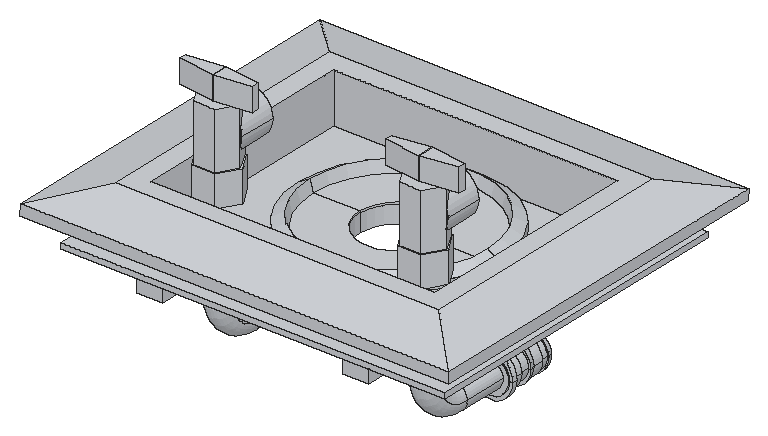
Revit family "Omni Panel", category Plumbing Fixtures, host Face, Revit 2017
Family settings
  Host = Face
  Round Connector Dimension = Use Diameter
  Part Type = Normal
  Cut with Voids When Loaded = No
  Shared = No
  Room Calculation Point = No
Parameters (values of type "698-A33-XR")
  URL = "www.siouxchief.com"
  Pipe Radius = 0.25"
  Outlet Diameter = 0.89844"
  Model = "698-A33-XR"
  Manufacturer = "Sioux Chief Manufacturing"
  Male Sweat in Visibility = no
  MIP Visibility = no
  Inlet Connector = 2 * Pipe Radius  # 0.50"
  Description = "Omni Panel"
  Default Elevation = 48.00"
  Connector Diameter = 0.75"
  CPVC Visibility = no
  1960 Visibility = no
  1807 Visibility = yes
Types (11): name | Outlet Diameter | Model | Male Sweat in Visibility | MIP Visibility | Connector Diameter | CPVC Visibility | 1960 Visibility | 1807 Visibility
  (no name) | 0.89844" | "698-A33-XR" | no | no | 0.75" | no | no | yes
  698-A11-CR | 0.55859" | "698-A11-CR" | no | no | 0.375" | yes | no | no
  698-A11-MR | 0.55859" | "698-A11-MR" | no | yes | 0.375" | no | no | no
  698-A11-PR | 0.55859" | "698-A11-PR" | yes | no | 0.375" | no | no | no
  698-A11-WR | 0.55859" | "698-A11-WR" | no | no | 0.375" | no | yes | no
  698-A11-XR | 0.55859" | "698-A11-XR" | no | no | 0.375" | no | no | yes
  698-A33-CR | 0.89844" | "698-A33-CR" | no | no | 0.75" | yes | no | no
  698-A33-MR | 0.89844" | "698-A33-MR" | no | yes | 0.75" | no | no | no
  698-A33-PR | 0.89844" | "698-A33-PR" | yes | no | 0.75" | no | no | no
  698-A33-WR | 0.89844" | "698-A33-WR" | no | no | 0.75" | no | yes | no
  698-A33-XR | 0.89844" | "698-A33-XR" | no | no | 0.75" | no | no | yes
Reference planes (in)
  plane 1 "Center (Front/Back)": y = 0
  plane 2: z = 0
  plane 3 "Center (Left/Right)": x = 0
Forms (in)
  Sweep 1, solid
    path origin (-24, 0, 0.48) x (0, -1, 0) y (1, 0, 0)
      loop
        line (-2.595, 27.13) -> (-2.595, 20.87) -> (2.595, 20.87) -> (2.595, 27.13) -> (-2.595, 27.13)
    profile origin (0, 2.595, 0.48) x (0, -1, 0) y (0, 0, 1)
      loop
        line (-1.03, -0.26) -> (-1.03, -0.48) -> (0.13, -0.48) -> (0.13, -0.98) -> (-0.59, -0.98) -> (-0.59, -1.08) -> (0.13, -1.08) -> (0.13, -1.33) -> (0.38, -1.33) -> (2.52064, -1.33) -> (2.52064, -0.98) -> (0.38, -0.98) -> (0.38, 0) -> (0, 0) -> (-1.03, -0.26)
  Revolve 2, void
    sketch origin (-2, -1.5, 0) x (1, 0, 0) y (0, 0, 1)
      loop
        line (0, -0.6) -> (0, -1.25) -> (0.65, -1.25) -> (0.5, -0.6) -> (0, -0.6)
      axis (0, -0.6) -> (0, -1.25)
    angle from 0 to 360
  Extrusion 3, solid
    sketch origin (-2, 0, 0) x (1, 0, 0) y (0, 0, 1)
      loop
        line (0, -0.6) -> (-0.25, -0.6) -> (-0.25, -0.85) -> (0.25, -0.85) -> (0.25, -0.6) -> (0, -0.6)
    from -3.185 to 3.185
  Revolve 4, void
    sketch origin (2, -1.5, 0) x (1, 0, 0) y (0, 0, 1)
      loop
        line (0, -0.6) -> (0, -1.25) -> (0.65, -1.25) -> (0.5, -0.6) -> (0, -0.6)
      axis (0, -0.6) -> (0, -1.25)
    angle from 0 to 360
  Extrusion 5, solid
    sketch origin (2, 0, 0) x (1, 0, 0) y (0, 0, 1)
      loop
        line (0, -0.6) -> (-0.25, -0.6) -> (-0.25, -0.85) -> (0.25, -0.85) -> (0.25, -0.6) -> (0, -0.6)
    from -3.185 to 3.185
  Extrusion 6, solid
    sketch origin (2, -1.505, 0.20837) x (1, 0, 0) y (0, 1, 0)
      loop
        line (0.45172, 0) -> (0.22586, 0.3912) -> (-0.22586, 0.3912) -> (-0.45172, 0) -> (-0.22586, -0.3912) -> (0.22586, -0.3912) -> (0.45172, 0)
    from 0 to 0.6
  Extrusion 7, solid
    sketch origin (2, -1.505, 0.80837) x (1, 0, 0) y (0, 1, 0)
      loop
        line (0.20484, 0.3548) -> (-0.20484, 0.3548) -> (-0.40969, 0) -> (-0.20484, -0.3548) -> (0.20484, -0.3548) -> (0.40969, 0) -> (0.20484, 0.3548)
    from 0 to 1.1
  Extrusion 8, solid
    sketch origin (2, -1.505, 1.90837) x (1, 0, 0) y (0, 1, 0)
      loop
        line (0, 0.16) -> (-0.70208, 0.07) -> (-0.70208, -0.07) -> (0, -0.16) -> (0, 0.16)
    from 0 to 0.45
  Extrusion 9, solid
    sketch origin (2, -1.505, 1.90837) x (-1, 0, 0) y (0, -1, 0)
      loop
        line (0, -0.16) -> (0, 0.16) -> (-0.70208, 0.07) -> (-0.70208, -0.07) -> (0, -0.16)
    from 0 to 0.45
  Extrusion 10, solid
    sketch origin (2, 0.075, -2.2) x (1, 0, 0) y (0, 0, -1)
      loop
        circle (0, -3.55837) r 0.44922
    from -1.58 to -0.8502
  Extrusion 11, solid
    sketch origin (-2, -1.505, 0.20837) x (1, 0, 0) y (0, 1, 0)
      loop
        line (0.45172, 0) -> (0.22586, 0.3912) -> (-0.22586, 0.3912) -> (-0.45172, 0) -> (-0.22586, -0.3912) -> (0.22586, -0.3912) -> (0.45172, 0)
    from 0 to 0.6
  Extrusion 12, solid
    sketch origin (-2, -1.505, 0.80837) x (1, 0, 0) y (0, 1, 0)
      loop
        line (0.20484, 0.3548) -> (-0.20484, 0.3548) -> (-0.40969, 0) -> (-0.20484, -0.3548) -> (0.20484, -0.3548) -> (0.40969, 0) -> (0.20484, 0.3548)
    from 0 to 1.1
  Extrusion 13, solid
    sketch origin (-2, -1.505, 1.90837) x (1, 0, 0) y (0, 1, 0)
      loop
        line (0, 0.16) -> (-0.70208, 0.07) -> (-0.70208, -0.07) -> (0, -0.16) -> (0, 0.16)
    from 0 to 0.45
  Extrusion 14, solid
    sketch origin (-2, -1.505, 1.90837) x (-1, 0, 0) y (0, -1, 0)
      loop
        line (0, -0.16) -> (0, 0.16) -> (-0.70208, 0.07) -> (-0.70208, -0.07) -> (0, -0.16)
    from 0 to 0.45
  Extrusion 15, solid
    sketch origin (-2, 0.075, -2.2) x (1, 0, 0) y (0, 0, -1)
      loop
        circle (0, -3.55837) r 0.44922
    from -1.58 to -0.8502
  Sweep 16, solid
    path origin (-2, -1.51, 0) x (0, 1, 0) y (0, 0, 1)
      loop
        line (0, -0.5) -> (0, -1.50078)
        arc (0, -1.50078) -> (0.2048, -1.9952) -> (0.69922, -2.2) r 0.69922
        line (0.69922, -2.2) -> (1.58, -2.2)
    profile origin (-2, -1.51, -1.00039) x (1, 0, 0) y (0, 1, 0)
      loop
        circle (0, 0) r 0.25
  Sweep 17, solid
    path origin (2, -1.51, 0) x (0, 1, 0) y (0, 0, 1)
      loop
        line (0, -0.5) -> (0, -1.50078)
        arc (0, -1.50078) -> (0.2048, -1.9952) -> (0.69922, -2.2) r 0.69922
        line (0.69922, -2.2) -> (1.58, -2.2)
    profile origin (2, -1.51, -1.00039) x (1, 0, 0) y (0, 1, 0)
      loop
        circle (0, 0) r 0.25
  Revolve 18, solid
    sketch origin (0, 0.355, 0) x (1, 0, 0) y (0, 0, 1)
      loop
        line (0.76, -0.5) -> (1.95, -0.5) -> (1.95, -0.375) -> (1.73, -0.25) -> (1.67, -0.4683) -> (0.76, -0.4683) -> (0.76, -0.5)
      axis (0, -0.25) -> (0, -0.5)
    angle from 0 to 360
  Extrusion 19, void
    sketch origin (0, 0.355, 1.90837) x (1, 0, 0) y (0, 1, 0)
      loop
        circle (0, 0) r 0.76
    from -2.75837 to -2.15837
Cuts and joins
  Revolve 2, Revolve 4, Extrusion 19 cuts Sweep 1
  Revolve 2, Revolve 4 cuts Extrusion 3
  Revolve 4 cuts Extrusion 5
  Extrusion 19 cuts Revolve 18
Dimensions and locks (in)
  Extrusion 5 to level = 0.60"
  Extrusion 7 sketch curve to Extrusion 7 sketch curve = 0.7096"
  locked: Extrusion 8 to Extrusion 8 at 0.45
  locked: Extrusion 8 to Extrusion 6 at 1.1
  locked: Extrusion 6 to Extrusion 6 at 0.6
  Extrusion 12 sketch curve to Extrusion 12 sketch curve = 0.7096"
  locked: Extrusion 13 to Extrusion 13 at 0.45
  locked: Extrusion 13 to Extrusion 11 at 1.1
  locked: Extrusion 11 to Extrusion 11 at 0.6
  "Outlet Diameter": diameter of Extrusion 10 sketch curve
  "Outlet Diameter": diameter of Extrusion 15 sketch curve
  "Pipe Radius": radius of Sweep 16 sketch curve
  "Pipe Radius": radius of Sweep 17 sketch curve
  aligned and locked: plane 2 to host face
  aligned and locked: level to host face
  aligned and locked: cut or joined group of Sweep 1, Revolve 2, Revolve 4, Extrusion 19 to Extrusion 3
  aligned and locked: Extrusion 5 to cut or joined group of Sweep 1, Revolve 2, Revolve 4, Extrusion 19
  aligned and locked: Extrusion 3 to cut or joined group of Sweep 1, Revolve 2, Revolve 4, Extrusion 19
  aligned and locked: Extrusion 6 to Extrusion 7
  aligned and locked: Extrusion 9 to Extrusion 7
  aligned and locked: Extrusion 8 to Extrusion 7
  aligned and locked: Extrusion 11 to Extrusion 12
  aligned and locked: Extrusion 14 to Extrusion 12
  aligned and locked: Extrusion 13 to Extrusion 12
  aligned and locked: Sweep 17 sketch curve to Sweep 16
  aligned and locked: Extrusion 19 to Revolve 18
Automatic sketch dimensions
  host sketch curve to host sketch curve = 96.00"  (x2)
  Sweep 1 sketch curve to plane 1 "Center (Front/Back)" = 2.595"
  plane 1 "Center (Front/Back)" to Sweep 1 sketch curve = 2.595"
  Sweep 1 sketch curve to plane 3 "Center (Left/Right)" = 3.13"
  plane 3 "Center (Left/Right)" to Sweep 1 sketch curve = 3.13"
  Sweep 1 sketch curve to profile plane = 0.00"  (x2)
  profile plane to Sweep 1 sketch curve = 0.59"
  Sweep 1 sketch curve to profile plane = 0.26"
  Sweep 1 sketch curve to Sweep 1 sketch curve = 0.44"
  Sweep 1 sketch curve to profile plane = 0.13"
  Sweep 1 sketch curve to Sweep 1 sketch curve = 0.00"  (x2)
  Sweep 1 sketch curve to Sweep 1 sketch curve = 0.25"  (x2)
  Sweep 1 sketch curve to Sweep 1 sketch curve = 2.14064"
  Sweep 1 sketch curve to profile plane = 0.48"
  Sweep 1 sketch curve to Sweep 1 sketch curve = 0.50"
  Sweep 1 sketch curve to Sweep 1 sketch curve = 0.10"
  Sweep 1 sketch curve to Sweep 1 sketch curve = 0.35"
  Revolve 2 sketch curve to level = 0.60"
  Revolve 2 sketch curve to plane 3 "Center (Left/Right)" = 2.00"
  Revolve 2 sketch curve to Revolve 2 sketch curve = 0.50"
  Revolve 2 sketch curve to Revolve 2 sketch curve = 0.65"  (x2)
  Revolve 2 sketch curve to Revolve 2 sketch curve = 0.00"
  Revolve 2 sketch curve to Revolve 2 sketch curve = 0.15849"
  level to Revolve 2 sketch curve = 0.75"
  Extrusion 3 sketch curve to level = 0.60"
  Extrusion 3 sketch curve to plane 3 "Center (Left/Right)" = 2.25"
  Extrusion 3 sketch curve to Extrusion 3 sketch curve = 0.25"  (x3)
  Revolve 4 sketch curve to level = 0.60"
  plane 3 "Center (Left/Right)" to Revolve 4 sketch curve = 2.00"
  Revolve 4 sketch curve to Revolve 4 sketch curve = 0.50"
  Revolve 4 sketch curve to Revolve 4 sketch curve = 0.65"  (x2)
  Revolve 4 sketch curve to Revolve 4 sketch curve = 0.00"
  Revolve 4 sketch curve to Revolve 4 sketch curve = 0.15849"
  level to Revolve 4 sketch curve = 0.75"
  Extrusion 5 sketch curve to level = 0.60"
  plane 3 "Center (Left/Right)" to Extrusion 5 sketch curve = 1.75"
  Extrusion 5 sketch curve to Extrusion 5 sketch curve = 0.25"  (x3)
  plane 3 "Center (Left/Right)" to Extrusion 6 sketch curve = 1.54828"
  Extrusion 6 sketch curve to Extrusion 6 sketch curve = 0.22586"  (x3)
  Extrusion 6 sketch curve to Extrusion 6 sketch curve = 0.45172"  (x2)
  plane 1 "Center (Front/Back)" to Extrusion 6 sketch curve = 1.8962"
  Extrusion 6 sketch curve to Extrusion 6 sketch curve = 0.3912"  (x3)
  Extrusion 7 sketch curve to Extrusion 6 = 0.3912"  (x2)
  Extrusion 7 sketch curve to Extrusion 6 = 0.0364"  (x2)
  Extrusion 7 sketch curve to Extrusion 7 sketch curve = 0.20484"  (x3)
  Extrusion 7 sketch curve to Extrusion 7 sketch curve = 0.40969"  (x2)
  Extrusion 8 sketch curve to Extrusion 7 = 0.2848"
  Extrusion 7 to Extrusion 8 sketch curve = 0.21821"
  Extrusion 8 sketch curve to Extrusion 7 = 0.1948"  (x2)
  Extrusion 8 sketch curve to Extrusion 8 sketch curve = 0.70208"
  Extrusion 8 sketch curve to Extrusion 8 sketch curve = 0.14"
  Extrusion 9 sketch curve to Extrusion 7 = 0.2848"
  Extrusion 7 to Extrusion 9 sketch curve = 0.21821"
  Extrusion 9 sketch curve to Extrusion 7 = 0.1948"  (x2)
  Extrusion 9 sketch curve to Extrusion 9 sketch curve = 0.70208"
  Extrusion 9 sketch curve to Extrusion 9 sketch curve = 0.14"
  Extrusion 11 sketch curve to plane 3 "Center (Left/Right)" = 2.45172"
  Extrusion 11 sketch curve to Extrusion 11 sketch curve = 0.22586"  (x3)
  Extrusion 11 sketch curve to Extrusion 11 sketch curve = 0.45172"  (x2)
  plane 1 "Center (Front/Back)" to Extrusion 11 sketch curve = 1.8962"
  Extrusion 11 sketch curve to Extrusion 11 sketch curve = 0.3912"  (x3)
  Extrusion 12 sketch curve to Extrusion 11 = 0.3912"  (x2)
  Extrusion 12 sketch curve to Extrusion 11 = 0.0364"  (x2)
  Extrusion 12 sketch curve to Extrusion 12 sketch curve = 0.20484"  (x3)
  Extrusion 12 sketch curve to Extrusion 12 sketch curve = 0.40969"  (x2)
  Extrusion 13 sketch curve to Extrusion 12 = 0.2848"
  Extrusion 12 to Extrusion 13 sketch curve = 0.21821"
  Extrusion 13 sketch curve to Extrusion 12 = 0.1948"  (x2)
  Extrusion 13 sketch curve to Extrusion 13 sketch curve = 0.70208"
  Extrusion 13 sketch curve to Extrusion 13 sketch curve = 0.14"
  Extrusion 14 sketch curve to Extrusion 12 = 0.2848"
  Extrusion 12 to Extrusion 14 sketch curve = 0.21821"
  Extrusion 14 sketch curve to Extrusion 12 = 0.1948"  (x2)
  Extrusion 14 sketch curve to Extrusion 14 sketch curve = 0.70208"
  Extrusion 14 sketch curve to Extrusion 14 sketch curve = 0.14"
  plane 1 "Center (Front/Back)" to Sweep 16 sketch curve = 1.51"
  Sweep 16 sketch curve to Sweep 16 sketch curve = 0.69922"
  Sweep 16 sketch curve to level = 2.20"
  Sweep 16 sketch curve to plane 1 "Center (Front/Back)" = 0.07"
  Sweep 16 sketch curve to level = 0.50"
  plane 1 "Center (Front/Back)" to Sweep 17 sketch curve = 1.51"
  Sweep 17 sketch curve to Sweep 17 sketch curve = 0.69922"
  Sweep 17 sketch curve to Sweep 17 sketch curve = 1.00078"
  Sweep 17 sketch curve to plane 1 "Center (Front/Back)" = 0.07"
  Revolve 18 sketch curve to plane 3 "Center (Left/Right)" = 0.00"
  plane 3 "Center (Left/Right)" to Revolve 18 sketch curve = 0.76"
  Revolve 18 sketch curve to level = 0.4683"
  Revolve 18 sketch curve to Revolve 18 sketch curve = 0.91"
  Revolve 18 sketch curve to level = 0.25"
  Revolve 18 sketch curve to Revolve 18 sketch curve = 0.06"
  Revolve 18 sketch curve to Revolve 18 sketch curve = 0.28"
  Revolve 18 sketch curve to Revolve 18 sketch curve = 0.0317"
  Revolve 18 sketch curve to Revolve 18 sketch curve = 0.125"
  Revolve 18 sketch curve to Revolve 18 sketch curve = 1.13164"
  level to Revolve 18 sketch curve = 1.11836"
  Extrusion 19 sketch curve to plane 3 "Center (Left/Right)" = 0.00"
  Extrusion 19 sketch curve to plane 1 "Center (Front/Back)" = 0.355"
  plane 3 "Center (Left/Right)" to Extrusion 10 sketch curve = 2.00"
  level to Extrusion 10 sketch curve = 1.35837"
  Extrusion 15 sketch curve to plane 3 "Center (Left/Right)" = 2.00"
  level to Extrusion 15 sketch curve = 1.35837"
  profile plane to Sweep 16 sketch curve = 0.00"
  Sweep 16 sketch curve to profile plane = 0.00"
  profile plane to Sweep 17 sketch curve = 0.00"
  Sweep 17 sketch curve to profile plane = 0.00"
  radius of Extrusion 19 sketch curve = 0.76"
Nested families (in)
  nested 1: "1807" at (-2, 0.06, -2.2) x (0, -1, 0) z (0, 0, 1), visible <- "1807 Visibility", type "1807"
  nested 2: "CPVC" at (-2, -0.16, -2.2) x (0, -1, 0) z (0, 0, 1), visible <- "CPVC Visibility", type "CPVC"
  nested 3: "Male Sweat in" at (-2, 0.01, -2.2) x (0, -1, 0) z (0, 0, 1), visible <- "Male Sweat in Visibility", type "Male Sweat in"
  nested 4: "MIP" at (-2, 0.35, -2.2) x (0, -1, 0) z (0, 0, 1), visible <- "MIP Visibility", type "MIP"
  nested 5: "1807" at (2, 0.06, -2.2) x (0, -1, 0) z (0, 0, 1), visible <- "1807 Visibility", type "1807"
  nested 6: "CPVC" at (2, -0.16, -2.2) x (0, -1, 0) z (0, 0, 1), visible <- "CPVC Visibility", type "CPVC"
  nested 7: "Male Sweat in" at (2, 0.01, -2.2) x (0, -1, 0) z (0, 0, 1), visible <- "Male Sweat in Visibility", type "Male Sweat in"
  nested 8: "MIP" at (2, 0.35, -2.2) x (0, -1, 0) z (0, 0, 1), visible <- "MIP Visibility", type "MIP"
  nested 9: "1960" at (-2, 0.07, -2.2) x (0, -1, 0) z (1, 0, 0), type "1960"
  nested 10: "1960" at (2, 0.07, -2.2) x (0, -1, 0) z (1, 0, 0), type "1960"
Connectors (in)
  piping at (-2, -0.7752, 1.35837), diameter 0.75, driven by "Connector Diameter"
    settings: on Extrusion 15, index 1, connector inside diameter 24", connector length 0.00", flow factor 0, pipe flow 0 GPM, pressure drop 0.00 psi, fitting loss kfactor 0, connector angle 0.00°, fixture units 0, engagement length 0.00", angle of deflection 0.00°, flow configuration 0, flow direction 2, fitting loss method 0, system type 22, joint type 0, gender type 0, connector reference index -1, connector utility 0, adjustable connector no, is connector primary yes, connector description ""
  piping at (2, -0.7752, 1.35837), diameter 0.75, driven by "Connector Diameter"
    settings: on Extrusion 10, index 2, connector inside diameter 24", connector length 0.00", flow factor 0, pipe flow 0 GPM, pressure drop 0.00 psi, fitting loss kfactor 0, connector angle 0.00°, fixture units 0, engagement length 0.00", angle of deflection 0.00°, flow configuration 0, flow direction 2, fitting loss method 0, system type 22, joint type 0, gender type 0, connector reference index -1, connector utility 0, adjustable connector no, is connector primary no, connector description ""
  piping at (-2, 1.1, -2.2), diameter 0.5, driven by "Inlet Connector"
    settings: on nested 3, index 3, connector inside diameter 24", connector length 0.00", flow factor 0, pipe flow 0 GPM, pressure drop 0.00 psi, fitting loss kfactor 0, connector angle 0.00°, fixture units 0, engagement length 0.00", angle of deflection 0.00°, flow configuration 0, flow direction 0, fitting loss method 0, system type 22, joint type 0, gender type 0, connector reference index -1, connector utility 0, adjustable connector no, is connector primary no, connector description ""
  piping at (2, 1.1, -2.2), diameter 0.5, driven by "Inlet Connector"
    settings: on nested 7, index 4, connector inside diameter 24", connector length 0.00", flow factor 0, pipe flow 0 GPM, pressure drop 0.00 psi, fitting loss kfactor 0, connector angle 0.00°, fixture units 0, engagement length 0.00", angle of deflection 0.00°, flow configuration 0, flow direction 0, fitting loss method 0, system type 22, joint type 0, gender type 0, connector reference index -1, connector utility 0, adjustable connector no, is connector primary no, connector description ""
Definition of nested family "1807"
  Reference planes (in)
    plane 1 "Center (Front/Back)": y = 0
    plane 2: z = 0
    plane 3 "Center (Left/Right)": x = 0
  Forms (in)
    Revolve 1, solid
      sketch origin (0, 0, 0) x (0, 0, 1) y (-1, 0, 0)
        loop
          line (0, 1.04) -> (0, 0) -> (0.365, 0) -> (0.365, 0.09) -> (0.315, 0.09) -> (0.315, 0.27) -> (0.26938, 0.27) -> (0.26938, 0.45) -> (0.315, 0.45) -> (0.315, 0.49659) -> (0.26938, 0.49659) -> (0.26938, 0.67659) -> (0.315, 0.67659) -> (0.315, 0.72319) -> (0.26938, 0.72319) -> (0.26938, 0.90319) -> (0.315, 0.90319) -> (0.315, 0.9477) -> (0.28529, 1.04) -> (0, 1.04)
        axis (0, 1.04) -> (0, 0)
      angle from 0 to 360
  Dimensions and locks (in)
    aligned and locked: plane 2 to level
Definition of nested family "CPVC"
  Reference planes (in)
    plane 1 "Center (Front/Back)": y = 0
    plane 2: z = 0
    plane 3 "Center (Left/Right)": x = 0
  Forms (in)
    Revolve 1, solid
      sketch origin (0, 0, 0) x (0, 0, 1) y (-1, 0, 0)
        loop
          line (0, 0) -> (0.41653, 0)
          arc (0.41653, 0) -> (0.52151, 0.04349) -> (0.565, 0.14847) r 0.14847
          line (0.565, 0.14847) -> (0.565, 1.26) -> (0, 1.26) -> (0, 0)
        axis (0, 1.26) -> (0, 0)
      angle from 0 to 360
  Dimensions and locks (in)
    aligned and locked: plane 2 to level
Definition of nested family "Male Sweat in"
  Reference planes (in)
    plane 1 "Center (Front/Back)": y = 0
    plane 2: z = 0
    plane 3 "Center (Left/Right)": x = 0
  Forms (in)
    Revolve 1, solid
      sketch origin (0, 0, 0) x (0, 0, 1) y (-1, 0, 0)
        loop
          line (0, 0) -> (0.415, 0) -> (0.415, 0.43902) -> (0.38351, 0.43902) -> (0.38351, 0.47) -> (0.415, 0.47) -> (0.415, 1.09) -> (0, 1.09) -> (0, 0)
        axis (0, 1.09) -> (0, 0)
      angle from 0 to 360
  Dimensions and locks (in)
    aligned and locked: plane 2 to level
Definition of nested family "MIP"
  Reference planes (in)
    plane 1 "Center (Front/Back)": y = 0
    plane 2: z = 0
    plane 3 "Center (Left/Right)": x = 0
    plane 4: x = -0.2
  Forms (in)
    Extrusion 1, solid
      sketch origin (0, 0, 0) x (0, 0, 1) y (0, 1, 0)
        loop
          line (0.35, 0) -> (0.175, 0.30311) -> (-0.175, 0.30311) -> (-0.35, 0) -> (-0.175, -0.30311) -> (0.175, -0.30311) -> (0.35, 0)
      from 0 to 0.2
    Revolve 2, solid
      sketch origin (0, 0, 0) x (0, 0, 1) y (-1, 0, 0)
        loop
          line (0, 0.2) -> (0.395, 0.2) -> (0.395, 0.27) -> (0.425, 0.3) -> (0.395, 0.33) -> (0.425, 0.36) -> (0.395, 0.39) -> (0.425, 0.42) -> (0.395, 0.45) -> (0.425, 0.48) -> (0.395, 0.51) -> (0.425, 0.54) -> (0.395, 0.57) -> (0.425, 0.6) -> (0.395, 0.63) -> (0.425, 0.66) -> (0.395, 0.69) -> (0.425, 0.72) -> (0.395, 0.75) -> (0, 0.75) -> (0, 0.2)
        axis (0, 0.75) -> (0, 0.2)
      angle from 0 to 360
  Dimensions and locks (in)
    aligned and locked: plane 2 to level
    aligned and locked: Extrusion 1 to plane 4
    aligned and locked: Revolve 2 to plane 4
Definition of nested family "1960"
  Parameters (values of type "1960")
    Default Elevation = 48.00"
  Reference planes (in)
    plane 1 "Center (Front/Back)": y = 0
    plane 2: z = 0
    plane 3 "Center (Left/Right)": x = 0
  Forms (in)
    Revolve 1, solid
      sketch origin (0, 0, 0) x (0, 0, 1) y (-1, 0, 0)
        loop
          line (0, 0) -> (0.44, 0) -> (0.44, 0.09) -> (0.37, 0.09) -> (0.37, 0.29) -> (0.33828, 0.29) -> (0.33828, 0.49) -> (0.40219, 0.49) -> (0.37, 0.59) -> (0.37, 0.79) -> (0.33828, 0.79) -> (0.33828, 0.94527) -> (0.38219, 0.94527) -> (0.35492, 1.03) -> (0, 1.03) -> (0, 0)
        axis (0, 1.03) -> (0, 0)
      angle from 0 to 360
  Dimensions and locks (in)
    aligned and locked: plane 2 to level
